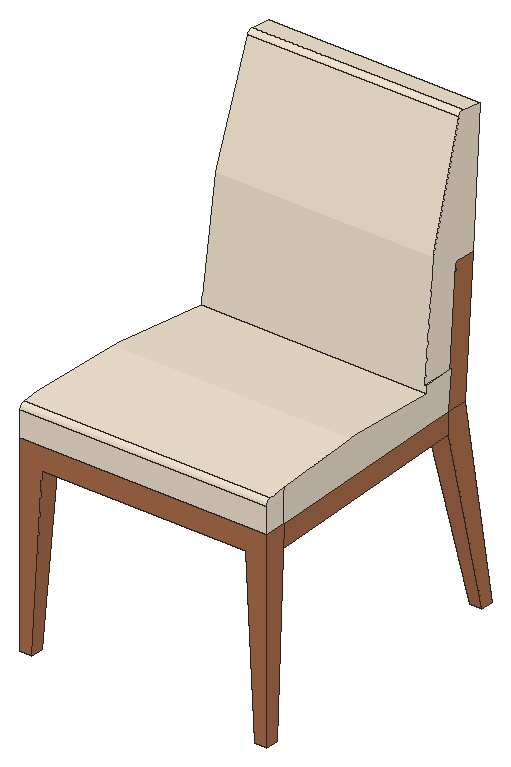
Revit family "Cumberland-Alia_Wood-Chair", category Furniture, Revit 2014
Parameters (values of type "Alia Wood")
  Width = 20 11/32"  # constant formula
  URL = "www.cumberlandfurniture.com"
  Type Comments = "Alia Wood"  # constant formula
  Seat = CUM - Linen - Beige
  Salvage or Reuse = yes
  Percentage of Recycled Content = 0
  Model = "Alia"  # constant formula
  Manufacturer = "Cumberland"  # constant formula
  Low Emitting Material = yes
  Low Emitting Finish = yes
  Leg = CUM - Wood
  Keynote = "12500"
  Height = 36 7/8"  # constant formula
  Description = "Alia Wood 20\"W 36\"H 23\"D"
  Depth = 23 29/32"  # constant formula
  Base = CUM - Wood
  Assembly Code = "E2020200"
Reference planes (in)
  plane 1 "Center Front/Back": y = 0
  plane 2: z = 0
  plane 3: z = 36.875
  plane 4: x = 10.17188
  plane 5: x = 20.34375
  plane 6: y = -11.95312
  plane 7: y = 11.95313
  plane 8: x = 0
Forms (in)
  Extrusion 1, solid, material "CUM - Wood" <- "Leg"
    sketch origin (20.26732, 0.04124, 0) x (-0.054316, 0.998524, 0) y (0, 0, -1)
      loop
        line (7.99843, -14) -> (-10.3123, -14) -> (-10.22909, -15.75) -> (7.99843, -15.75) -> (7.99843, -14)
    from 0.49022 to 1.79041
  Extrusion 2, solid, material "CUM - Wood" <- "Leg"
    sketch origin (0, 0, 0) x (0, 1, 0) y (0, 0, 1)
      loop
        line (10.97106, 0) -> (11.97106, 0) -> (9.76193, 15.71875) -> (10.8629, 26.19377) -> (9.1386, 26.375) -> (8.02463, 15.77635) -> (8.02463, 13.86185) -> (10.97106, 0)
    from 0 to 21.33917
  Extrusion 3, void
    sketch origin (0, 0, 0) x (1, 0, 0) y (0, 0, 1)
      loop
        line (19.08264, 26.19377) -> (1.26065, 26.19377) -> (0.98635, 15.71875) -> (0.57474, 0) -> (1.57967, 0) -> (2.67164, 13.96863) -> (17.67164, 13.96863) -> (18.76362, 0) -> (19.76855, 0) -> (19.35694, 15.71875) -> (19.08264, 26.19377)
      loop
        line (23.41208, 28.7399) -> (-3.06833, 28.7399) -> (-3.06833, -1.7601) -> (23.41208, -1.7601) -> (23.41208, 28.7399)
    from -15.87697 to -5.48239
  Extrusion 4, solid, material "CUM - Linen - Beige" <- "Seat"
    sketch origin (0, 0, 0) x (0, 1, 0) y (0, 0, 1)
      loop
        line (-11.95312, 15.75) -> (8.02186, 15.75) -> (9.11955, 26.19377) -> (10.8553, 26.19377) -> (11.95572, 36.66366) -> (10.28079, 36.8397)
        arc (10.28079, 36.8397) -> (9.9778, 36.77503) -> (9.77108, 36.54427) r 0.5
        arc (9.77108, 36.54427) -> (6.81358, 27.53669) -> (5.67187, 18.125) r 48.31907
        arc (5.67187, 18.125) -> (-2.9131, 18.73743) -> (-11.50884, 18.30124) r 70.63886
        arc (-11.50884, 18.30124) -> (-11.82586, 18.13763) -> (-11.95312, 17.80436) r 0.5
        line (-11.95312, 17.80436) -> (-11.95312, 15.75)
    from -1.87539 to 21.26826
  Extrusion 5, void
    sketch origin (0, 0, 0) x (1, 0, 0) y (0, 0, 1)
      loop
        line (1.41752, 36.87766) -> (18.80077, 36.87766) -> (19.27784, 18.73773) -> (23.28551, 18.73773) -> (23.28551, 38.384) -> (-2.94176, 38.384) -> (-2.94176, 18.73773) -> (0.94251, 18.73773) -> (1.41752, 36.87766)
    from -18.24727 to -4.59303
  Extrusion 6, void
    sketch origin (-0.375, 0, 0) x (1, 0, 0) y (0, 1, 0)
      loop
        line (1.57192, 11.84979) -> (-1.91464, 11.84979) -> (-2.16464, 11.84979) -> (-2.16464, -13.54167) -> (0.375, -13.54167) -> (0.375, -10.1538) -> (1.57192, 11.84979)
      loop
        line (19.52183, 11.84979) -> (20.71875, -10.1538) -> (20.71875, -13.54167) -> (23.25839, -13.54167) -> (23.25839, 11.84979) -> (23.00839, 11.84979) -> (19.52183, 11.84979)
    from 14.40978 to 19.21228
  Extrusion 7, solid, material "CUM - Wood" <- "Leg"
    sketch origin (0, 0, 0) x (0, 1, 0) y (0, 0, 1)
      loop
        line (-11.95312, 15.75) -> (-11.95312, 0) -> (-10.92188, 0) -> (-10.17187, 15.75) -> (-11.95312, 15.75)
    from 0 to 20.36139
  Extrusion 8, void
    sketch origin (0, 0, 0) x (1, 0, 0) y (0, 0, 1)
      loop
        line (1, 0) -> (19.34329, 0) -> (18.58823, 13.96863) -> (1.75506, 13.96863) -> (1, 0)
    from 7.39741 to 15.76602
  Extrusion 9, solid, material "CUM - Wood" <- "Leg"
    sketch origin (0.07643, 0.04124, 0) x (0.054316, 0.998524, 0) y (0, 0, 1)
      loop
        line (7.99843, 14) -> (7.99843, 15.75) -> (-10.20219, 15.75) -> (-10.2854, 14) -> (7.99843, 14)
    from 0.49022 to 1.79041
Cuts and joins
  Extrusion 3 cuts Extrusion 2
  Extrusion 5, Extrusion 6 cuts Extrusion 4
  Extrusion 8 cuts Extrusion 7
Lines and regions (in)
  symbolic lines, style "Chair"
    curve 1: line (-0.125, -11.93346, 0) -> (20.46875, -11.93346, 0)
    curve 2: line (-0.125, -11.93346, 0) -> (0.83912, 5.79034, 0)
    curve 3: line (20.46875, -11.93346, 0) -> (19.50463, 5.79034, 0)
    curve 4: line (0.5752, 11.97106, 0) -> (19.76855, 11.97106, 0)
    curve 5: line (19.76855, 11.97106, 0) -> (19.76855, 10.82717, 0)
    curve 6: line (19.76855, 10.82717, 0) -> (19.4323, 8.09781, 0)
    curve 7: line (19.4323, 8.09781, 0) -> (19.35636, 8.02186, 0)
    curve 8: line (19.35636, 8.02186, 0) -> (19.50463, 5.79034, 0)
    curve 9: line (0.5752, 11.97106, 0) -> (0.5752, 10.82717, 0)
    curve 10: line (0.5752, 10.82717, 0) -> (0.91145, 8.09781, 0)
    curve 11: line (0.91145, 8.09781, 0) -> (0.98739, 8.02186, 0)
    curve 12: line (0.98739, 8.02186, 0) -> (0.83912, 5.79034, 0)
    curve 13: line (1.41187, 9.91967, 0) -> (18.93188, 9.91967, 0)
    curve 14: line (0.83267, 5.67187, 0) -> (19.51108, 5.67187, 0)
    curve 15: line (1.41187, 11.97106, 0) -> (1.41187, 9.91967, 0)
    curve 16: arc (0.83267, 5.67187, 0) -> (1.31172, 7.76994, 0) -> (1.41187, 9.91967, 0) r 12.11128
    curve 18: arc (19.51108, 5.67187, 0) -> (19.03203, 7.76994, 0) -> (18.93188, 9.91967, 0) r 12.11128
    curve 35: line (18.93188, 11.97106, 0) -> (18.93188, 9.91967, 0)
  symbolic lines, style "FurnitureHiddenLines", detail levels medium+fine
    curve 17: line (18.93188, 11.97106, 0) -> (18.93188, 9.91967, 0)
    curve 19: line (1.75506, -10.2567, 0) -> (1.75506, -11.95312, 0)
    curve 20: line (1.75506, -10.2567, 0) -> (0.0072, -10.2567, 0)
    curve 21: line (0, -10.92188, 0) -> (1, -10.92188, 0)
    curve 22: line (1, -10.92188, 0) -> (1, -11.95312, 0)
    curve 23: line (1.75506, -10.2567, 0) -> (1, -10.92188, 0)
    curve 24: line (18.58869, -10.2567, 0) -> (18.58869, -11.95312, 0)
    curve 25: line (18.58869, -10.2567, 0) -> (20.33655, -10.2567, 0)
    curve 26: line (20.34375, -10.92188, 0) -> (19.34375, -10.92188, 0)
    curve 27: line (19.34375, -10.92188, 0) -> (19.34375, -11.95312, 0)
    curve 28: line (18.58869, -10.2567, 0) -> (19.34375, -10.92188, 0)
    curve 29: line (2.67164, 8.02186, 0) -> (2.67164, 10.0079, 0)
    curve 30: line (2.67164, 8.02186, 0) -> (1.13775, 8.02186, 0)
    curve 31: line (2.67164, 10.0079, 0) -> (1.57967, 11.97106, 0)
    curve 32: line (1.13775, 10.8553, 0) -> (1.41187, 11.95556, 0)
    curve 33: line (1.13775, 8.02186, 0) -> (1.13775, 10.8553, 0)
    curve 34: line (1.57967, 11.97106, 0) -> (1.41187, 11.97106, 0)
    curve 36: line (17.67211, 8.02186, 0) -> (17.67211, 10.0079, 0)
    curve 37: line (17.67211, 8.02186, 0) -> (19.206, 8.02186, 0)
    curve 38: line (17.67211, 10.0079, 0) -> (18.76408, 11.97106, 0)
    curve 39: line (19.206, 10.8553, 0) -> (18.93188, 11.95556, 0)
    curve 40: line (19.206, 8.02186, 0) -> (19.206, 10.8553, 0)
    curve 41: line (18.76408, 11.97106, 0) -> (18.93188, 11.97106, 0)
    curve 42: line (2.67164, 8.02186, 0) -> (2.67164, 10.0079, 0)
    curve 43: line (1.57967, 10.97106, 0) -> (2.66329, 8.02463, 0)
    curve 44: line (2.67164, 10.0079, 0) -> (1.57967, 11.97106, 0)
    curve 45: line (17.67164, 8.00194, 0) -> (17.67164, 10.0079, 0)
    curve 46: line (18.76362, 11.97106, 0) -> (17.67164, 10.0079, 0)
    curve 47: line (17.67164, 8.00194, 0) -> (18.76362, 10.97106, 0)
    curve 48: line (1.30553, -10.32622, 0) -> (2.29865, 7.93061, 0)
    curve 49: line (18.0451, 7.93061, 0) -> (19.03968, -10.35309, 0)
    curve 50: line (20.36139, -10.17187, 0) -> (0, -10.17187, 0)
Dimensions and locks (in)
  equal spacing: plane 7, plane 1 "Center Front/Back", plane 6
  "Depth": plane 7 to plane 6
  "Height": plane 3 to level
  equal spacing: plane 8, plane 4, plane 5
  "Width": plane 8 to plane 5
  locked: Extrusion 8 sketch curve to level at 13.96863
  Extrusion 5 sketch curve to plane 4 to Extrusion 5 sketch curve = 13.11363" locked, 13.11363" locked
  Extrusion 5 sketch curve to plane 3 to Extrusion 5 sketch curve = 1.509" locked, 18.13727" locked
  Extrusion 4 sketch curve to Extrusion 4 sketch curve to plane 6 = 57.61645" locked, 8.31544" locked
  Extrusion 4 sketch curve to Extrusion 4 sketch curve to level = 10.44377" locked, 15 3/4" locked
  equal spacing: Extrusion 3 sketch curve, plane 4, Extrusion 3 sketch curve, locked at 13.24021 each
  Extrusion 3 sketch curve to Extrusion 3 sketch curve to Extrusion 3 sketch curve to Extrusion 3 sketch curve = 2.54613" locked, 12.22514" locked, 15.72873" locked
  locked: Extrusion 3 sketch curve to Extrusion 3 sketch curve at 1.7601
  Extrusion 2 sketch curve to Extrusion 2 sketch curve to Extrusion 2 sketch curve to level = 10 21/32" locked, 1.8569" locked, 13.86185" locked
  plane 1 "Center Front/Back" to Extrusion 2 sketch curve to Extrusion 2 sketch curve to Extrusion 2 sketch curve to Extrusion 2 sketch curve = 8.02463" locked, 1.7373" locked, 1.10097" locked, 0.10816" locked
  locked: Extrusion 7 sketch curve to level at 15.75
  aligned and locked: level to plane 2
  aligned and locked: curve 19 to cut or joined group of Extrusion 7, Extrusion 8
  aligned and locked: curve 21 to cut or joined group of Extrusion 7, Extrusion 8
  aligned and locked: curve 22 to cut or joined group of Extrusion 7, Extrusion 8
  aligned and locked: curve 23 to cut or joined group of Extrusion 7, Extrusion 8
  aligned and locked: curve 29 to cut or joined group of Extrusion 2, Extrusion 3
  aligned and locked: cut or joined group of Extrusion 4, Extrusion 5, Extrusion 6 to curve 30
  aligned and locked: curve 31 to cut or joined group of Extrusion 2, Extrusion 3
  aligned and locked: curve 32 to cut or joined group of Extrusion 4, Extrusion 5, Extrusion 6
  aligned and locked: curve 33 to cut or joined group of Extrusion 4, Extrusion 5, Extrusion 6
  aligned and locked: Extrusion 8 sketch curve to level
  aligned and locked: Extrusion 5 sketch curve to Extrusion 5 sketch curve
  aligned and locked: plane 6 to Extrusion 4 sketch curve
  aligned and locked: Extrusion 3 sketch curve to Extrusion 3 sketch curve
  aligned and locked: Extrusion 7 sketch curve to plane 6
  aligned and locked: level to Extrusion 7 sketch curve
Automatic sketch dimensions
  Extrusion 2 sketch curve to level = 0"
  Extrusion 2 sketch curve to plane 7 = 2.81453"
  plane 7 to Extrusion 2 sketch curve = 0.01794"
  Extrusion 2 sketch curve to Extrusion 2 sketch curve = 0.0576"
  Extrusion 2 sketch curve to Extrusion 2 sketch curve = 0.18123"
  Extrusion 3 sketch curve to level = 0"
  Extrusion 3 sketch curve to Extrusion 3 sketch curve = 1.00493"
  Extrusion 3 sketch curve to Extrusion 3 sketch curve = 1.68529"
  Extrusion 3 sketch curve to plane 5 = 2.67211"
  Extrusion 3 sketch curve to plane 5 = 1.58013"
  Extrusion 3 sketch curve to plane 5 = 1.26111"
  Extrusion 3 sketch curve to plane 5 = 0.98681"
  Extrusion 3 sketch curve to plane 5 = 0.5752"
  Extrusion 3 sketch curve to Extrusion 3 sketch curve = 1.75012"  (x2)
  Extrusion 6 sketch curve to plane 5 = 0"
  Extrusion 6 sketch curve to plane 7 = 0.10334"  (x2)
  Extrusion 6 sketch curve to Extrusion 6 sketch curve = 1/4"  (x2)
  Extrusion 6 sketch curve to plane 5 = 1.19692"
  plane 5 to Extrusion 6 sketch curve = 2.28964"
  plane 6 to Extrusion 6 sketch curve = 1.79932"  (x2)
  Extrusion 6 sketch curve to plane 6 = 1.58855"  (x2)
  Extrusion 7 sketch curve to Extrusion 7 sketch curve = 1 1/32"
  Extrusion 7 sketch curve to Extrusion 7 sketch curve = 1 25/32"
  Extrusion 8 sketch curve to plane 5 = 1.75552"
  Extrusion 8 sketch curve to plane 5 = 1.00046"
  Extrusion 9 sketch curve to Extrusion 9 sketch curve = 18.28382"
  Extrusion 9 sketch curve to Extrusion 9 sketch curve = 1 3/4"
  level to Extrusion 9 sketch curve = 14"
  Extrusion 9 sketch curve to Extrusion 9 sketch curve = 0.08321"
  Extrusion 1 sketch curve to Extrusion 1 sketch curve = 1 3/4"
  Extrusion 1 sketch curve to Extrusion 1 sketch curve = 18.22751"
  Extrusion 1 sketch curve to Extrusion 1 sketch curve = 0.08321"
  level to Extrusion 1 sketch curve = 14"
  plane 4 to Extrusion 3 sketch curve = 7.50023"
  plane 4 to Extrusion 3 sketch curve = 8.91123"
  Extrusion 3 sketch curve to Extrusion 3 sketch curve = 3.64307"
  plane 4 to Extrusion 6 sketch curve = 8.97495"
  plane 4 to Extrusion 6 sketch curve = 10 11/64"
  Extrusion 6 sketch curve to Extrusion 6 sketch curve = 3.48657"
  plane 4 to Extrusion 8 sketch curve = 8.41681"
  plane 4 to Extrusion 8 sketch curve = 9 11/64"
  curve 21 to plane 8 = 0"
  curve 24 to plane 6 = 0"
  curve 27 to plane 6 = 0"
  curve 26 to plane 5 = 0"
  curve 22 to plane 6 = 0"
  curve 19 to plane 6 = 0"
  plane 6 to curve 1 = 0.01967"
  curve 1 to plane 8 = 1/8"
  curve 16 to plane 7 = 2.54692"
  curve 16 to plane 8 = 10.68852"
  plane 7 to curve 4 = 0.01794"
  plane 8 to curve 4 = 0.5752"
  plane 8 to curve 14 = 0.83267"
  curve 14 to curve 2 = 0.00644"
  curve 11 to curve 30 = 0.2263"
  curve 10 to curve 12 = 0.07594"
  curve 32 to curve 15 = 0.27412"
  curve 38 to plane 5 = 2.67164"
  curve 25 to plane 5 = 1.75506"
  plane 7 to curve 41 = 0.01794"
  curve 41 to plane 5 = 1.57967"
  curve 36 to curve 17 = 1.25977"
  curve 17 to curve 39 = 0.27412"
  curve 37 to curve 7 = 0.15036"
  curve 7 to curve 7 = 0.07594"
  curve 3 to plane 5 = 0.83912"
  curve 8 to curve 14 = 0.00644"
  curve 39 to curve 5 = 0.56255"
  plane 5 to curve 1 = 1/8"
  curve 18 to plane 7 = 2.54692"
  curve 27 to curve 28 = 1 1/32"
  curve 14 to plane 1 "Center Front/Back" = 5 43/64"
  curve 8 to curve 13 = 1.8978"
  curve 36 to curve 7 = 0"
  curve 12 to curve 30 = 0"
  curve 7 to curve 6 = 0.07594"
  curve 11 to curve 11 = 0.07594"
  curve 17 to curve 36 = 0.08823"
  curve 9 to curve 32 = 0.02812"
  curve 6 to plane 7 = 1.12595"
  curve 5 to curve 40 = 0.02812"
  plane 8 to curve 20 = 0.0072"
  curve 34 to curve 31 = 0"  (x2)
  curve 25 to plane 5 = 0.0072"
  plane 7 to curve 39 = 0.00243"
  plane 8 to Extrusion 5 sketch curve = 0.94251"
  plane 3 to Extrusion 5 sketch curve = 0.00266"
  plane 8 to Extrusion 5 sketch curve = 1.41752"
  Extrusion 5 sketch curve to plane 5 = 1 139/256"
  Extrusion 5 sketch curve to plane 5 = 1.06591"
  Extrusion 4 sketch curve to Extrusion 4 sketch curve = 1/2"
  Extrusion 4 sketch curve to plane 7 = 3.93126"
  Extrusion 4 sketch curve to plane 7 = 2.83358"
  Extrusion 4 sketch curve to plane 3 = 0.53256"
  Extrusion 4 sketch curve to plane 7 = 1.72459"
  Extrusion 4 sketch curve to plane 3 = 0.0353"
  Extrusion 4 sketch curve to Extrusion 4 sketch curve = 0.05226"
  Extrusion 4 sketch curve to plane 7 = 1.09783"
  plane 7 to Extrusion 4 sketch curve = 0.0026"
  Extrusion 4 sketch curve to Extrusion 4 sketch curve = 2.05436"
  Extrusion 4 sketch curve to plane 3 = 0.21134"
  Extrusion 4 sketch curve to Extrusion 4 sketch curve = 0"  (x2)
  Extrusion 4 sketch curve to Extrusion 4 sketch curve = 2.34999"
  Extrusion 4 sketch curve to plane 3 = 0.33073"
  plane 8 to Extrusion 3 sketch curve = 0.57474"
  curve 26 to plane 5 = 1"
  curve 26 to curve 25 = 0.66517"
  curve 32 to curve 43 = 0.44192"
  curve 44 to curve 31 = 0"
  curve 43 to curve 29 = 0.00835"
  curve 29 to curve 43 = 0.00277"
  curve 32 to curve 43 = 0.11577"
  curve 45 to curve 36 = 0.00047"
  curve 46 to curve 36 = 0"
  curve 46 to curve 38 = 0.00046"
  curve 45 to curve 36 = 0.01993"
  curve 47 to curve 39 = 0.44238"
  curve 39 to curve 47 = 0.11577"
